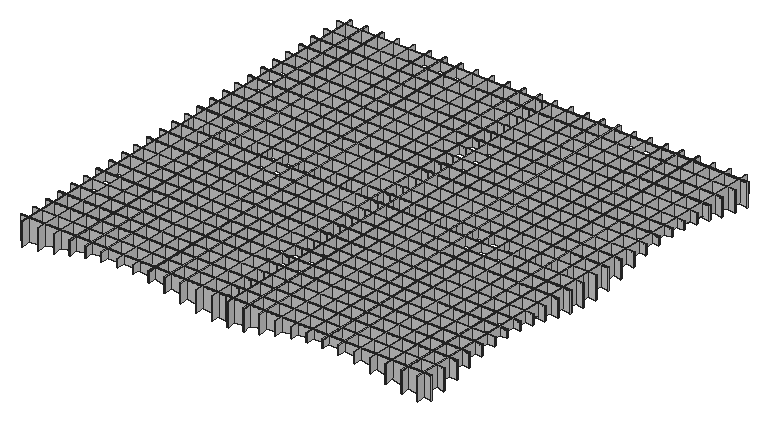
Revit family "CLD-WFL-002_RFA", category Modelos genéricos, Revit 2022 (continued)
Forms (in)
  Extrusion 35, solid
    sketch origin (0, 37.61822, 0) x (1, 0, 0) y (0, 0, 1)
      loop
        spline (70.38178, 2.34001) -> (71.11719, 2.45082) -> (71.85175, 2.56518) -> (72.58552, 2.6828) -> (73.31856, 2.80343) -> (74.05092, 2.92677) -> (74.78266, 3.05256) -> (75.51384, 3.1805) -> (76.2445, 3.31033) -> (76.97472, 3.44177) -> (77.70454, 3.57454) -> (78.43402, 3.70836) -> (79.16322, 3.84296)
        spline (79.16322, 3.84296) -> (79.81589, 3.96449) -> (80.46845, 4.08604) -> (81.12094, 4.20735) -> (81.77342, 4.32817) -> (82.42595, 4.44826) -> (83.07858, 4.56736) -> (83.73137, 4.68523) -> (84.38439, 4.80161) -> (85.03768, 4.91625) -> (85.6913, 5.02891) -> (86.34531, 5.13933) -> (86.99978, 5.24726)
        spline (86.99978, 5.24726) -> (87.72678, 5.36123) -> (88.45444, 5.47173) -> (89.18283, 5.57848) -> (89.91201, 5.68121) -> (90.64203, 5.77964) -> (91.37298, 5.87351) -> (92.10489, 5.96254) -> (92.83785, 6.04646) -> (93.5719, 6.125) -> (94.30712, 6.19789) -> (95.04356, 6.26486) -> (95.78122, 6.32579)
        spline (95.78122, 6.32579) -> (96.46987, 6.37175) -> (97.15943, 6.41238) -> (97.84985, 6.44778) -> (98.54104, 6.47801) -> (99.23294, 6.50316) -> (99.92548, 6.5233) -> (100.61859, 6.53851) -> (101.3122, 6.54886) -> (102.00624, 6.55445) -> (102.70063, 6.55534) -> (103.39532, 6.55161) -> (104.09022, 6.54334)
        spline (104.09022, 6.54334) -> (104.41609, 6.5372) -> (104.74197, 6.53005) -> (105.06787, 6.52189) -> (105.39376, 6.51274) -> (105.71965, 6.50259) -> (106.04553, 6.49146) -> (106.37138, 6.47935) -> (106.6972, 6.46628) -> (107.02298, 6.45226) -> (107.34871, 6.43729) -> (107.67439, 6.42139) -> (108, 6.40455)
        line (108, 6.40455) -> (108, 11.82144)
    from -0.11811 to 0
  Extrusion 36, solid, not visible
    sketch origin (0, 33.82655, 0) x (1, 0, 0) y (0, 0, 1)
      loop
        line (108, 11.82144) -> (0, 11.82144) -> (0, 6.40455)
        spline (0, 6.40455) -> (0.32561, 6.42139) -> (0.65129, 6.43729) -> (0.97702, 6.45226) -> (1.3028, 6.46628) -> (1.62862, 6.47935) -> (1.95447, 6.49146) -> (2.28035, 6.50259) -> (2.60624, 6.51274) -> (2.93213, 6.52189) -> (3.25803, 6.53005) -> (3.58391, 6.5372) -> (3.90978, 6.54334)
        spline (3.90978, 6.54334) -> (4.64427, 6.55011) -> (5.37852, 6.55208) -> (6.11244, 6.54917) -> (6.84598, 6.5413) -> (7.57905, 6.52839) -> (8.31157, 6.51035) -> (9.04349, 6.4871) -> (9.77471, 6.45856) -> (10.50517, 6.42465) -> (11.23479, 6.38528) -> (11.9635, 6.34038) -> (12.69122, 6.28985)
        spline (12.69122, 6.28985) -> (13.34952, 6.23514) -> (14.00673, 6.17505) -> (14.66285, 6.10968) -> (15.31792, 6.03926) -> (15.97202, 5.96405) -> (16.62518, 5.88427) -> (17.27747, 5.80017) -> (17.92894, 5.712) -> (18.57965, 5.62) -> (19.22966, 5.52441) -> (19.87902, 5.42547) -> (20.52778, 5.32343)
        spline (20.52778, 5.32343) -> (21.26115, 5.20293) -> (21.99402, 5.07965) -> (22.72645, 4.95385) -> (23.4585, 4.82583) -> (24.19025, 4.69586) -> (24.92176, 4.56423) -> (25.65308, 4.43121) -> (26.38429, 4.29709) -> (27.11544, 4.16214) -> (27.84661, 4.02665) -> (28.57785, 3.8909) -> (29.30922, 3.75516)
        spline (29.30922, 3.75516) -> (29.95995, 3.63466) -> (30.61094, 3.51485) -> (31.26223, 3.39599) -> (31.91387, 3.2783) -> (32.56591, 3.16206) -> (33.21841, 3.04749) -> (33.87141, 2.93486) -> (34.52497, 2.8244) -> (35.17914, 2.71637) -> (35.83396, 2.61101) -> (36.48949, 2.50857) -> (37.14578, 2.4093)
        spline (37.14578, 2.4093) -> (37.87194, 2.30632) -> (38.59907, 2.20751) -> (39.32723, 2.11315) -> (40.05647, 2.02349) -> (40.78684, 1.93878) -> (41.51831, 1.85902) -> (42.25083, 1.78415) -> (42.98434, 1.71406) -> (43.71879, 1.64869) -> (44.45413, 1.58794) -> (45.19029, 1.53174) -> (45.92722, 1.47999)
        spline (45.92722, 1.47999) -> (46.57816, 1.44092) -> (47.22964, 1.40553) -> (47.88162, 1.37376) -> (48.53404, 1.34552) -> (49.18687, 1.32076) -> (49.84004, 1.2994) -> (50.49352, 1.28136) -> (51.14725, 1.26658) -> (51.80119, 1.25497) -> (52.45529, 1.24648) -> (53.1095, 1.24101) -> (53.76378, 1.23852)
        spline (53.76378, 1.23852) -> (54.49695, 1.24145) -> (55.23005, 1.2477) -> (55.96302, 1.25736) -> (56.69581, 1.2705) -> (57.42836, 1.2872) -> (58.16063, 1.30755) -> (58.89256, 1.33163) -> (59.62409, 1.35951) -> (60.35518, 1.39128) -> (61.08577, 1.42702) -> (61.8158, 1.46681) -> (62.54522, 1.51073)
        spline (62.54522, 1.51073) -> (63.20286, 1.5569) -> (63.85981, 1.60706) -> (64.51602, 1.66127) -> (65.17144, 1.7196) -> (65.82603, 1.78214) -> (66.47973, 1.84896) -> (67.1325, 1.92013) -> (67.78428, 1.99572) -> (68.43505, 2.07573) -> (69.08486, 2.15994) -> (69.73376, 2.24811) -> (70.38178, 2.34001)
        spline (70.38178, 2.34001) -> (71.11719, 2.45082) -> (71.85175, 2.56518) -> (72.58552, 2.6828) -> (73.31856, 2.80343) -> (74.05092, 2.92677) -> (74.78266, 3.05256) -> (75.51384, 3.1805) -> (76.2445, 3.31033) -> (76.97472, 3.44177) -> (77.70454, 3.57454) -> (78.43402, 3.70836) -> (79.16322, 3.84296)
        spline (79.16322, 3.84296) -> (79.81589, 3.96449) -> (80.46845, 4.08604) -> (81.12094, 4.20735) -> (81.77342, 4.32817) -> (82.42595, 4.44826) -> (83.07858, 4.56736) -> (83.73137, 4.68523) -> (84.38439, 4.80161) -> (85.03768, 4.91625) -> (85.6913, 5.02891) -> (86.34531, 5.13933) -> (86.99978, 5.24726)
        spline (86.99978, 5.24726) -> (87.72678, 5.36123) -> (88.45444, 5.47173) -> (89.18283, 5.57848) -> (89.91201, 5.68121) -> (90.64203, 5.77964) -> (91.37298, 5.87351) -> (92.10489, 5.96254) -> (92.83785, 6.04646) -> (93.5719, 6.125) -> (94.30712, 6.19789) -> (95.04356, 6.26486) -> (95.78122, 6.32579)
        spline (95.78122, 6.32579) -> (96.46987, 6.37175) -> (97.15943, 6.41238) -> (97.84985, 6.44778) -> (98.54104, 6.47801) -> (99.23294, 6.50316) -> (99.92548, 6.5233) -> (100.61859, 6.53851) -> (101.3122, 6.54886) -> (102.00624, 6.55445) -> (102.70063, 6.55534) -> (103.39532, 6.55161) -> (104.09022, 6.54334)
        spline (104.09022, 6.54334) -> (104.41609, 6.5372) -> (104.74197, 6.53005) -> (105.06787, 6.52189) -> (105.39376, 6.51274) -> (105.71965, 6.50259) -> (106.04553, 6.49146) -> (106.37138, 6.47935) -> (106.6972, 6.46628) -> (107.02298, 6.45226) -> (107.34871, 6.43729) -> (107.67439, 6.42139) -> (108, 6.40455)
        line (108, 6.40455) -> (108, 11.82144)
    from -0.11811 to 0
  Extrusion 37, solid
    sketch origin (0, 29.30922, 0) x (1, 0, 0) y (0, 0, 1)
      loop
        line (108, 11.82144) -> (0, 11.82144) -> (0, 4.58891)
        spline (0, 4.58891) -> (0.32561, 4.62796) -> (0.65129, 4.66617) -> (0.97702, 4.70353) -> (1.3028, 4.74004) -> (1.62862, 4.77569) -> (1.95447, 4.81048) -> (2.28035, 4.84439) -> (2.60624, 4.87743) -> (2.93213, 4.90957) -> (3.25803, 4.94083) -> (3.58391, 4.97119) -> (3.90978, 5.00064)
        spline (3.90978, 5.00064) -> (4.64427, 5.06081) -> (5.37851, 5.11675) -> (6.11244, 5.16838) -> (6.84597, 5.21566) -> (7.57904, 5.25851) -> (8.31157, 5.29688) -> (9.04348, 5.33072) -> (9.7747, 5.35995) -> (10.50516, 5.38452) -> (11.23478, 5.40437) -> (11.96349, 5.41944) -> (12.69122, 5.42966)
        spline (12.69122, 5.42966) -> (13.34952, 5.43128) -> (14.00673, 5.42829) -> (14.66285, 5.42076) -> (15.31792, 5.40886) -> (15.97202, 5.39278) -> (16.62518, 5.37269) -> (17.27747, 5.34877) -> (17.92894, 5.32119) -> (18.57965, 5.29014) -> (19.22966, 5.2558) -> (19.87902, 5.21833) -> (20.52778, 5.17793)
        spline (20.52778, 5.17793) -> (21.26115, 5.12722) -> (21.99402, 5.0737) -> (22.72645, 5.01759) -> (23.45851, 4.95908) -> (24.19025, 4.89838) -> (24.92176, 4.8357) -> (25.65308, 4.77124) -> (26.38429, 4.70521) -> (27.11544, 4.63782) -> (27.84661, 4.56926) -> (28.57785, 4.49975) -> (29.30922, 4.42949)
        spline (29.30922, 4.42949) -> (29.95995, 4.366) -> (30.61094, 4.30234) -> (31.26223, 4.2387) -> (31.91387, 4.17525) -> (32.56591, 4.11218) -> (33.21841, 4.04966) -> (33.87141, 3.98789) -> (34.52497, 3.92703) -> (35.17914, 3.86728) -> (35.83396, 3.80881) -> (36.48949, 3.75181) -> (37.14578, 3.69645)
        spline (37.14578, 3.69645) -> (37.87194, 3.63892) -> (38.59907, 3.58371) -> (39.32723, 3.53102) -> (40.05647, 3.48105) -> (40.78684, 3.43397) -> (41.51831, 3.38979) -> (42.25083, 3.34845) -> (42.98434, 3.30989) -> (43.7188, 3.27405) -> (44.45413, 3.24086) -> (45.19029, 3.21027) -> (45.92722, 3.18221)
        spline (45.92722, 3.18221) -> (46.57816, 3.16116) -> (47.22964, 3.14217) -> (47.88162, 3.12519) -> (48.53404, 3.11017) -> (49.18687, 3.09705) -> (49.84004, 3.08579) -> (50.49352, 3.07632) -> (51.14725, 3.06859) -> (51.80119, 3.06255) -> (52.45529, 3.05816) -> (53.1095, 3.05535) -> (53.76378, 3.05407)
        spline (53.76378, 3.05407) -> (54.49695, 3.0556) -> (55.23004, 3.05885) -> (55.96301, 3.06387) -> (56.6958, 3.07073) -> (57.42836, 3.07948) -> (58.16062, 3.09019) -> (58.89255, 3.10292) -> (59.62409, 3.11771) -> (60.35517, 3.13464) -> (61.08576, 3.15376) -> (61.81579, 3.17514) -> (62.54522, 3.19882)
        spline (62.54522, 3.19882) -> (63.20286, 3.22386) -> (63.85981, 3.25117) -> (64.51602, 3.28078) -> (65.17144, 3.31277) -> (65.82603, 3.34719) -> (66.47973, 3.38408) -> (67.1325, 3.42351) -> (67.78428, 3.46553) -> (68.43505, 3.51013) -> (69.08486, 3.55715) -> (69.73376, 3.60642) -> (70.38178, 3.65777)
        spline (70.38178, 3.65777) -> (71.1172, 3.71948) -> (71.85176, 3.78304) -> (72.58554, 3.84824) -> (73.31858, 3.91488) -> (74.05094, 3.98275) -> (74.78268, 4.05166) -> (75.51385, 4.12139) -> (76.24452, 4.19176) -> (76.97473, 4.26254) -> (77.70455, 4.33354) -> (78.43403, 4.40456) -> (79.16322, 4.47539)
        spline (79.16322, 4.47539) -> (79.80403, 4.53723) -> (80.44473, 4.59841) -> (81.08536, 4.65876) -> (81.72599, 4.7181) -> (82.36666, 4.77623) -> (83.00743, 4.83299) -> (83.64836, 4.88819) -> (84.28951, 4.94166) -> (84.93093, 4.9932) -> (85.57267, 5.04265) -> (86.21481, 5.08982) -> (86.85738, 5.13453)
        spline (86.85738, 5.13453) -> (87.59614, 5.18092) -> (88.33559, 5.22395) -> (89.07577, 5.26344) -> (89.81676, 5.29917) -> (90.55862, 5.33094) -> (91.30141, 5.35856) -> (92.04519, 5.38181) -> (92.79004, 5.4005) -> (93.53601, 5.41442) -> (94.28316, 5.42338) -> (95.03157, 5.42716) -> (95.78122, 5.4257)
        spline (95.78122, 5.4257) -> (96.43065, 5.41648) -> (97.08095, 5.40294) -> (97.73207, 5.38513) -> (98.38393, 5.36311) -> (99.03648, 5.33693) -> (99.68963, 5.30665) -> (100.34334, 5.27231) -> (100.99753, 5.23398) -> (101.65213, 5.19169) -> (102.30709, 5.14552) -> (102.96233, 5.09551) -> (103.61778, 5.04172)
        spline (103.61778, 5.04172) -> (103.98301, 5.00943) -> (104.34827, 4.97613) -> (104.71354, 4.94182) -> (105.07881, 4.90651) -> (105.44407, 4.8702) -> (105.80932, 4.83291) -> (106.17455, 4.79465) -> (106.53974, 4.75541) -> (106.90489, 4.71521) -> (107.26999, 4.67406) -> (107.63503, 4.63196) -> (108, 4.58891)
        line (108, 4.58891) -> (108, 11.82144)
    from -0.11811 to 0
  Extrusion 38, solid, not visible
    sketch origin (0, 25.51755, 0) x (1, 0, 0) y (0, 0, 1)
      loop
        line (108, 11.82144) -> (0, 11.82144) -> (0, 4.58891)
        spline (0, 4.58891) -> (0.32561, 4.62796) -> (0.65129, 4.66617) -> (0.97702, 4.70353) -> (1.3028, 4.74004) -> (1.62862, 4.77569) -> (1.95447, 4.81048) -> (2.28035, 4.84439) -> (2.60624, 4.87743) -> (2.93213, 4.90957) -> (3.25803, 4.94083) -> (3.58391, 4.97119) -> (3.90978, 5.00064)
        spline (3.90978, 5.00064) -> (4.64427, 5.06081) -> (5.37851, 5.11675) -> (6.11244, 5.16838) -> (6.84597, 5.21566) -> (7.57904, 5.25851) -> (8.31157, 5.29688) -> (9.04348, 5.33072) -> (9.7747, 5.35995) -> (10.50516, 5.38452) -> (11.23478, 5.40437) -> (11.96349, 5.41944) -> (12.69122, 5.42966)
        spline (12.69122, 5.42966) -> (13.34952, 5.43128) -> (14.00673, 5.42829) -> (14.66285, 5.42076) -> (15.31792, 5.40886) -> (15.97202, 5.39278) -> (16.62518, 5.37269) -> (17.27747, 5.34877) -> (17.92894, 5.32119) -> (18.57965, 5.29014) -> (19.22966, 5.2558) -> (19.87902, 5.21833) -> (20.52778, 5.17793)
        spline (20.52778, 5.17793) -> (21.26115, 5.12722) -> (21.99402, 5.0737) -> (22.72645, 5.01759) -> (23.45851, 4.95908) -> (24.19025, 4.89838) -> (24.92176, 4.8357) -> (25.65308, 4.77124) -> (26.38429, 4.70521) -> (27.11544, 4.63782) -> (27.84661, 4.56926) -> (28.57785, 4.49975) -> (29.30922, 4.42949)
        spline (29.30922, 4.42949) -> (29.95995, 4.366) -> (30.61094, 4.30234) -> (31.26223, 4.2387) -> (31.91387, 4.17525) -> (32.56591, 4.11218) -> (33.21841, 4.04966) -> (33.87141, 3.98789) -> (34.52497, 3.92703) -> (35.17914, 3.86728) -> (35.83396, 3.80881) -> (36.48949, 3.75181) -> (37.14578, 3.69645)
        spline (37.14578, 3.69645) -> (37.87194, 3.63892) -> (38.59907, 3.58371) -> (39.32723, 3.53102) -> (40.05647, 3.48105) -> (40.78684, 3.43397) -> (41.51831, 3.38979) -> (42.25083, 3.34845) -> (42.98434, 3.30989) -> (43.7188, 3.27405) -> (44.45413, 3.24086) -> (45.19029, 3.21027) -> (45.92722, 3.18221)
        spline (45.92722, 3.18221) -> (46.57816, 3.16116) -> (47.22964, 3.14217) -> (47.88162, 3.12519) -> (48.53404, 3.11017) -> (49.18687, 3.09705) -> (49.84004, 3.08579) -> (50.49352, 3.07632) -> (51.14725, 3.06859) -> (51.80119, 3.06255) -> (52.45529, 3.05816) -> (53.1095, 3.05535) -> (53.76378, 3.05407)
        spline (53.76378, 3.05407) -> (54.49695, 3.0556) -> (55.23004, 3.05885) -> (55.96301, 3.06387) -> (56.6958, 3.07073) -> (57.42836, 3.07948) -> (58.16062, 3.09019) -> (58.89255, 3.10292) -> (59.62409, 3.11771) -> (60.35517, 3.13464) -> (61.08576, 3.15376) -> (61.81579, 3.17514) -> (62.54522, 3.19882)
        spline (62.54522, 3.19882) -> (63.20286, 3.22386) -> (63.85981, 3.25117) -> (64.51602, 3.28078) -> (65.17144, 3.31277) -> (65.82603, 3.34719) -> (66.47973, 3.38408) -> (67.1325, 3.42351) -> (67.78428, 3.46553) -> (68.43505, 3.51013) -> (69.08486, 3.55715) -> (69.73376, 3.60642) -> (70.38178, 3.65777)
        spline (70.38178, 3.65777) -> (71.1172, 3.71948) -> (71.85176, 3.78304) -> (72.58554, 3.84824) -> (73.31858, 3.91488) -> (74.05094, 3.98275) -> (74.78268, 4.05166) -> (75.51385, 4.12139) -> (76.24452, 4.19176) -> (76.97473, 4.26254) -> (77.70455, 4.33354) -> (78.43403, 4.40456) -> (79.16322, 4.47539)
        spline (79.16322, 4.47539) -> (79.80403, 4.53723) -> (80.44473, 4.59841) -> (81.08536, 4.65876) -> (81.72599, 4.7181) -> (82.36666, 4.77623) -> (83.00743, 4.83299) -> (83.64836, 4.88819) -> (84.28951, 4.94166) -> (84.93093, 4.9932) -> (85.57267, 5.04265) -> (86.21481, 5.08982) -> (86.85738, 5.13453)
        spline (86.85738, 5.13453) -> (87.59614, 5.18092) -> (88.33559, 5.22395) -> (89.07577, 5.26344) -> (89.81676, 5.29917) -> (90.55862, 5.33094) -> (91.30141, 5.35856) -> (92.04519, 5.38181) -> (92.79004, 5.4005) -> (93.53601, 5.41442) -> (94.28316, 5.42338) -> (95.03157, 5.42716) -> (95.78122, 5.4257)
        spline (95.78122, 5.4257) -> (96.43065, 5.41648) -> (97.08095, 5.40294) -> (97.73207, 5.38513) -> (98.38393, 5.36311) -> (99.03648, 5.33693) -> (99.68963, 5.30665) -> (100.34334, 5.27231) -> (100.99753, 5.23398) -> (101.65213, 5.19169) -> (102.30709, 5.14552) -> (102.96233, 5.09551) -> (103.61778, 5.04172)
        spline (103.61778, 5.04172) -> (103.98301, 5.00943) -> (104.34827, 4.97613) -> (104.71354, 4.94182) -> (105.07881, 4.90651) -> (105.44407, 4.8702) -> (105.80932, 4.83291) -> (106.17455, 4.79465) -> (106.53974, 4.75541) -> (106.90489, 4.71521) -> (107.26999, 4.67406) -> (107.63503, 4.63196) -> (108, 4.58891)
        line (108, 4.58891) -> (108, 11.82144)
    from -0.11811 to 0
  Extrusion 39, solid
    sketch origin (0, 21.00022, 0) x (1, 0, 0) y (0, 0, 1)
      loop
        line (108, 11.82144) -> (0, 11.82144) -> (0, 2.55729)
        spline (0, 2.55729) -> (0.32561, 2.61504) -> (0.65129, 2.67215) -> (0.97702, 2.72862) -> (1.3028, 2.78445) -> (1.62862, 2.83963) -> (1.95447, 2.89415) -> (2.28035, 2.94802) -> (2.60624, 3.00123) -> (2.93213, 3.05379) -> (3.25803, 3.10567) -> (3.58391, 3.15689) -> (3.90978, 3.20744)
        spline (3.90978, 3.20744) -> (4.64427, 3.31686) -> (5.37851, 3.42317) -> (6.11243, 3.52634) -> (6.84596, 3.62635) -> (7.57903, 3.72316) -> (8.31156, 3.81675) -> (9.04347, 3.90709) -> (9.77469, 3.99415) -> (10.50515, 4.07789) -> (11.23478, 4.1583) -> (11.96349, 4.23534) -> (12.69122, 4.30898)
        spline (12.69122, 4.30898) -> (13.34952, 4.37039) -> (14.00673, 4.4286) -> (14.66285, 4.48364) -> (15.31792, 4.53559) -> (15.97202, 4.58455) -> (16.62518, 4.63059) -> (17.27747, 4.67381) -> (17.92894, 4.71429) -> (18.57965, 4.75212) -> (19.22966, 4.78738) -> (19.87902, 4.82016) -> (20.52778, 4.85054)
        spline (20.52778, 4.85054) -> (21.26115, 4.88062) -> (21.99402, 4.90823) -> (22.72646, 4.93347) -> (23.45851, 4.95644) -> (24.19026, 4.97724) -> (24.92176, 4.99598) -> (25.65309, 5.01275) -> (26.38429, 5.02764) -> (27.11545, 5.04077) -> (27.84661, 5.05223) -> (28.57785, 5.06211) -> (29.30922, 5.07053)
        spline (29.30922, 5.07053) -> (29.95995, 5.07584) -> (30.61094, 5.08009) -> (31.26223, 5.08336) -> (31.91387, 5.08574) -> (32.56591, 5.08733) -> (33.21841, 5.0882) -> (33.87141, 5.08846) -> (34.52497, 5.08817) -> (35.17914, 5.08744) -> (35.83396, 5.08636) -> (36.48949, 5.085) -> (37.14578, 5.08346)
        spline (37.14578, 5.08346) -> (37.87194, 5.08165) -> (38.59907, 5.0799) -> (39.32723, 5.0783) -> (40.05647, 5.07696) -> (40.78684, 5.07594) -> (41.51831, 5.07527) -> (42.25083, 5.07491) -> (42.98434, 5.07483) -> (43.7188, 5.075) -> (44.45413, 5.07538) -> (45.19029, 5.07596) -> (45.92722, 5.0767)
        spline (45.92722, 5.0767) -> (46.57816, 5.07753) -> (47.22964, 5.07843) -> (47.88162, 5.07937) -> (48.53404, 5.08033) -> (49.18687, 5.08128) -> (49.84004, 5.0822) -> (50.49352, 5.08306) -> (51.14725, 5.08383) -> (51.80119, 5.0845) -> (52.45529, 5.08503) -> (53.1095, 5.0854) -> (53.76378, 5.08558)
        spline (53.76378, 5.08558) -> (54.49695, 5.08542) -> (55.23004, 5.08505) -> (55.96301, 5.0845) -> (56.6958, 5.0838) -> (57.42835, 5.08298) -> (58.16062, 5.08206) -> (58.89255, 5.08107) -> (59.62408, 5.08005) -> (60.35517, 5.07902) -> (61.08576, 5.07801) -> (61.81579, 5.07705) -> (62.54522, 5.07616)
        spline (62.54522, 5.07616) -> (63.20286, 5.07551) -> (63.85981, 5.075) -> (64.51602, 5.07466) -> (65.17144, 5.07452) -> (65.82603, 5.0746) -> (66.47973, 5.07493) -> (67.1325, 5.07554) -> (67.78428, 5.07645) -> (68.43505, 5.07766) -> (69.08486, 5.07909) -> (69.73376, 5.08066) -> (70.38178, 5.08229)
        spline (70.38178, 5.08229) -> (71.1172, 5.08386) -> (71.85177, 5.08523) -> (72.58555, 5.08629) -> (73.31859, 5.08695) -> (74.05095, 5.08712) -> (74.78269, 5.08668) -> (75.51386, 5.08555) -> (76.24453, 5.08362) -> (76.97474, 5.08079) -> (77.70455, 5.07697) -> (78.43403, 5.07206) -> (79.16322, 5.06596)
        spline (79.16322, 5.06596) -> (79.81589, 5.05858) -> (80.46845, 5.04989) -> (81.12094, 5.0398) -> (81.77342, 5.02821) -> (82.42595, 5.01505) -> (83.07858, 5.00022) -> (83.73137, 4.98363) -> (84.38439, 4.9652) -> (85.03768, 4.94483) -> (85.6913, 4.92244) -> (86.34531, 4.89793) -> (86.99978, 4.87123)
        spline (86.99978, 4.87123) -> (87.72677, 4.83707) -> (88.45442, 4.80022) -> (89.18281, 4.7606) -> (89.91198, 4.7181) -> (90.642, 4.67263) -> (91.37294, 4.62408) -> (92.10486, 4.57237) -> (92.83781, 4.5174) -> (93.57187, 4.45907) -> (94.3071, 4.39728) -> (95.04355, 4.33194) -> (95.78122, 4.26301)
        spline (95.78122, 4.26301) -> (96.43065, 4.19725) -> (97.08095, 4.12847) -> (97.73207, 4.05667) -> (98.38393, 3.9819) -> (99.03648, 3.90417) -> (99.68963, 3.82352) -> (100.34334, 3.73996) -> (100.99753, 3.65352) -> (101.65213, 3.56424) -> (102.30709, 3.47213) -> (102.96233, 3.37722) -> (103.61778, 3.27954)
        spline (103.61778, 3.27954) -> (103.98302, 3.22342) -> (104.34828, 3.16655) -> (104.71355, 3.10893) -> (105.07882, 3.05057) -> (105.44409, 2.99146) -> (105.80934, 2.93162) -> (106.17456, 2.87105) -> (106.53976, 2.80974) -> (106.9049, 2.74771) -> (107.27, 2.68496) -> (107.63504, 2.62148) -> (108, 2.55729)
        line (108, 2.55729) -> (108, 11.82144)
    from -0.11811 to 0
  Extrusion 40, solid, not visible
    sketch origin (0, 17.20855, 0) x (1, 0, 0) y (0, 0, 1)
      loop
        line (108, 11.82144) -> (0, 11.82144) -> (0, 2.55729)
        spline (0, 2.55729) -> (0.32561, 2.61504) -> (0.65129, 2.67215) -> (0.97702, 2.72862) -> (1.3028, 2.78445) -> (1.62862, 2.83963) -> (1.95447, 2.89415) -> (2.28035, 2.94802) -> (2.60624, 3.00123) -> (2.93213, 3.05379) -> (3.25803, 3.10567) -> (3.58391, 3.15689) -> (3.90978, 3.20744)
        spline (3.90978, 3.20744) -> (4.64427, 3.31686) -> (5.37851, 3.42317) -> (6.11243, 3.52634) -> (6.84596, 3.62635) -> (7.57903, 3.72316) -> (8.31156, 3.81675) -> (9.04347, 3.90709) -> (9.77469, 3.99415) -> (10.50515, 4.07789) -> (11.23478, 4.1583) -> (11.96349, 4.23534) -> (12.69122, 4.30898)
        spline (12.69122, 4.30898) -> (13.34952, 4.37039) -> (14.00673, 4.4286) -> (14.66285, 4.48364) -> (15.31792, 4.53559) -> (15.97202, 4.58455) -> (16.62518, 4.63059) -> (17.27747, 4.67381) -> (17.92894, 4.71429) -> (18.57965, 4.75212) -> (19.22966, 4.78738) -> (19.87902, 4.82016) -> (20.52778, 4.85054)
        spline (20.52778, 4.85054) -> (21.26115, 4.88062) -> (21.99402, 4.90823) -> (22.72646, 4.93347) -> (23.45851, 4.95644) -> (24.19026, 4.97724) -> (24.92176, 4.99598) -> (25.65309, 5.01275) -> (26.38429, 5.02764) -> (27.11545, 5.04077) -> (27.84661, 5.05223) -> (28.57785, 5.06211) -> (29.30922, 5.07053)
        spline (29.30922, 5.07053) -> (29.95995, 5.07584) -> (30.61094, 5.08009) -> (31.26223, 5.08336) -> (31.91387, 5.08574) -> (32.56591, 5.08733) -> (33.21841, 5.0882) -> (33.87141, 5.08846) -> (34.52497, 5.08817) -> (35.17914, 5.08744) -> (35.83396, 5.08636) -> (36.48949, 5.085) -> (37.14578, 5.08346)
        spline (37.14578, 5.08346) -> (37.87194, 5.08165) -> (38.59907, 5.0799) -> (39.32723, 5.0783) -> (40.05647, 5.07696) -> (40.78684, 5.07594) -> (41.51831, 5.07527) -> (42.25083, 5.07491) -> (42.98434, 5.07483) -> (43.7188, 5.075) -> (44.45413, 5.07538) -> (45.19029, 5.07596) -> (45.92722, 5.0767)
        spline (45.92722, 5.0767) -> (46.57816, 5.07753) -> (47.22964, 5.07843) -> (47.88162, 5.07937) -> (48.53404, 5.08033) -> (49.18687, 5.08128) -> (49.84004, 5.0822) -> (50.49352, 5.08306) -> (51.14725, 5.08383) -> (51.80119, 5.0845) -> (52.45529, 5.08503) -> (53.1095, 5.0854) -> (53.76378, 5.08558)
        spline (53.76378, 5.08558) -> (54.49695, 5.08542) -> (55.23004, 5.08505) -> (55.96301, 5.0845) -> (56.6958, 5.0838) -> (57.42835, 5.08298) -> (58.16062, 5.08206) -> (58.89255, 5.08107) -> (59.62408, 5.08005) -> (60.35517, 5.07902) -> (61.08576, 5.07801) -> (61.81579, 5.07705) -> (62.54522, 5.07616)
        spline (62.54522, 5.07616) -> (63.20286, 5.07551) -> (63.85981, 5.075) -> (64.51602, 5.07466) -> (65.17144, 5.07452) -> (65.82603, 5.0746) -> (66.47973, 5.07493) -> (67.1325, 5.07554) -> (67.78428, 5.07645) -> (68.43505, 5.07766) -> (69.08486, 5.07909) -> (69.73376, 5.08066) -> (70.38178, 5.08229)
        spline (70.38178, 5.08229) -> (71.1172, 5.08386) -> (71.85177, 5.08523) -> (72.58555, 5.08629) -> (73.31859, 5.08695) -> (74.05095, 5.08712) -> (74.78269, 5.08668) -> (75.51386, 5.08555) -> (76.24453, 5.08362) -> (76.97474, 5.08079) -> (77.70455, 5.07697) -> (78.43403, 5.07206) -> (79.16322, 5.06596)
        spline (79.16322, 5.06596) -> (79.81589, 5.05858) -> (80.46845, 5.04989) -> (81.12094, 5.0398) -> (81.77342, 5.02821) -> (82.42595, 5.01505) -> (83.07858, 5.00022) -> (83.73137, 4.98363) -> (84.38439, 4.9652) -> (85.03768, 4.94483) -> (85.6913, 4.92244) -> (86.34531, 4.89793) -> (86.99978, 4.87123)
        spline (86.99978, 4.87123) -> (87.72677, 4.83707) -> (88.45442, 4.80022) -> (89.18281, 4.7606) -> (89.91198, 4.7181) -> (90.642, 4.67263) -> (91.37294, 4.62408) -> (92.10486, 4.57237) -> (92.83781, 4.5174) -> (93.57187, 4.45907) -> (94.3071, 4.39728) -> (95.04355, 4.33194) -> (95.78122, 4.26301)
        spline (95.78122, 4.26301) -> (96.43065, 4.19725) -> (97.08095, 4.12847) -> (97.73207, 4.05667) -> (98.38393, 3.9819) -> (99.03648, 3.90417) -> (99.68963, 3.82352) -> (100.34334, 3.73996) -> (100.99753, 3.65352) -> (101.65213, 3.56424) -> (102.30709, 3.47213) -> (102.96233, 3.37722) -> (103.61778, 3.27954)
        spline (103.61778, 3.27954) -> (103.98302, 3.22342) -> (104.34828, 3.16655) -> (104.71355, 3.10893) -> (105.07882, 3.05057) -> (105.44409, 2.99146) -> (105.80934, 2.93162) -> (106.17456, 2.87105) -> (106.53976, 2.80974) -> (106.9049, 2.74771) -> (107.27, 2.68496) -> (107.63504, 2.62148) -> (108, 2.55729)
        line (108, 2.55729) -> (108, 11.82144)
    from -0.11811 to 0
  Extrusion 41, solid
    sketch origin (0, 12.69122, 0) x (1, 0, 0) y (0, 0, 1)
      loop
        line (108, 11.82144) -> (0, 11.82144) -> (0, 0.88375)
        spline (0, 0.88375) -> (0.32561, 0.94348) -> (0.65129, 1.00296) -> (0.97702, 1.06219) -> (1.3028, 1.12116) -> (1.62862, 1.1799) -> (1.95447, 1.23838) -> (2.28035, 1.29662) -> (2.60624, 1.35462) -> (2.93213, 1.41237) -> (3.25803, 1.46988) -> (3.58391, 1.52715) -> (3.90978, 1.58418)
        spline (3.90978, 1.58418) -> (4.64426, 1.71122) -> (5.37851, 1.8372) -> (6.11243, 1.96212) -> (6.84596, 2.086) -> (7.57903, 2.20885) -> (8.31155, 2.33067) -> (9.04347, 2.45149) -> (9.77469, 2.57131) -> (10.50515, 2.69014) -> (11.23478, 2.80798) -> (11.96349, 2.92486) -> (12.69122, 3.04079)
        spline (12.69122, 3.04079) -> (13.34952, 3.14441) -> (14.00673, 3.24717) -> (14.66285, 3.34906) -> (15.31792, 3.45005) -> (15.97202, 3.55011) -> (16.62518, 3.64921) -> (17.27747, 3.74732) -> (17.92894, 3.8444) -> (18.57965, 3.94043) -> (19.22966, 4.03537) -> (19.87902, 4.12919) -> (20.52778, 4.22187)
        spline (20.52778, 4.22187) -> (21.26116, 4.32437) -> (21.99403, 4.42546) -> (22.72646, 4.52511) -> (23.45852, 4.62328) -> (24.19027, 4.71993) -> (24.92177, 4.81503) -> (25.6531, 4.90854) -> (26.3843, 5.00042) -> (27.11545, 5.09065) -> (27.84662, 5.17918) -> (28.57786, 5.26598) -> (29.30922, 5.35101)
        spline (29.30922, 5.35101) -> (29.95995, 5.42391) -> (30.61094, 5.49516) -> (31.26223, 5.56472) -> (31.91387, 5.63257) -> (32.56591, 5.69867) -> (33.21841, 5.763) -> (33.87141, 5.82551) -> (34.52497, 5.88618) -> (35.17914, 5.94498) -> (35.83396, 6.00187) -> (36.48949, 6.05683) -> (37.14578, 6.10982)
        spline (37.14578, 6.10982) -> (37.87194, 6.16453) -> (38.59907, 6.21702) -> (39.32723, 6.26723) -> (40.05647, 6.31514) -> (40.78684, 6.36072) -> (41.51831, 6.40397) -> (42.25083, 6.44489) -> (42.98434, 6.4835) -> (43.71879, 6.51981) -> (44.45413, 6.55383) -> (45.19029, 6.58557) -> (45.92722, 6.61503)
        spline (45.92722, 6.61503) -> (46.57816, 6.6376) -> (47.22964, 6.65822) -> (47.88162, 6.67689) -> (48.53404, 6.69363) -> (49.18687, 6.70845) -> (49.84004, 6.72134) -> (50.49352, 6.73234) -> (51.14725, 6.74143) -> (51.80119, 6.74863) -> (52.45529, 6.75396) -> (53.1095, 6.75742) -> (53.76378, 6.75901)
        spline (53.76378, 6.75901) -> (54.49695, 6.7572) -> (55.23004, 6.75331) -> (55.96301, 6.74732) -> (56.6958, 6.73922) -> (57.42835, 6.72901) -> (58.16062, 6.71667) -> (58.89255, 6.7022) -> (59.62408, 6.68557) -> (60.35517, 6.66679) -> (61.08576, 6.64585) -> (61.81579, 6.62272) -> (62.54522, 6.59741)
        spline (62.54522, 6.59741) -> (63.20286, 6.57112) -> (63.85981, 6.54281) -> (64.51602, 6.51247) -> (65.17144, 6.48008) -> (65.82603, 6.44563) -> (66.47973, 6.40912) -> (67.1325, 6.37054) -> (67.78428, 6.32988) -> (68.43505, 6.28713) -> (69.08486, 6.24233) -> (69.73376, 6.19551) -> (70.38178, 6.14669)
        spline (70.38178, 6.14669) -> (71.1172, 6.08737) -> (71.85177, 6.02584) -> (72.58554, 5.96214) -> (73.31858, 5.89631) -> (74.05094, 5.82838) -> (74.78268, 5.75838) -> (75.51386, 5.68636) -> (76.24452, 5.61234) -> (76.97473, 5.53637) -> (77.70455, 5.45847) -> (78.43403, 5.37869) -> (79.16322, 5.29705)
        spline (79.16322, 5.29705) -> (79.81589, 5.22111) -> (80.46845, 5.14359) -> (81.12094, 5.06452) -> (81.77342, 4.98394) -> (82.42595, 4.90188) -> (83.07858, 4.81837) -> (83.73137, 4.73344) -> (84.38439, 4.64713) -> (85.03768, 4.55947) -> (85.6913, 4.47048) -> (86.34531, 4.3802) -> (86.99978, 4.28866)
        spline (86.99978, 4.28866) -> (87.72677, 4.18488) -> (88.45442, 4.07981) -> (89.1828, 3.97349) -> (89.91197, 3.86595) -> (90.64199, 3.75723) -> (91.37293, 3.64737) -> (92.10485, 3.53639) -> (92.8378, 3.42433) -> (93.57186, 3.31123) -> (94.30709, 3.19712) -> (95.04354, 3.08203) -> (95.78122, 2.96599)
        spline (95.78122, 2.96599) -> (96.4698, 2.85601) -> (97.15931, 2.74512) -> (97.84968, 2.63332) -> (98.54085, 2.52058) -> (99.23273, 2.40692) -> (99.92527, 2.2923) -> (100.61838, 2.17673) -> (101.31201, 2.06019) -> (102.00608, 1.94268) -> (102.70052, 1.82418) -> (103.39525, 1.70469) -> (104.09022, 1.58418)
        spline (104.09022, 1.58418) -> (104.41609, 1.52715) -> (104.74197, 1.46988) -> (105.06787, 1.41237) -> (105.39376, 1.35462) -> (105.71965, 1.29662) -> (106.04553, 1.23838) -> (106.37138, 1.1799) -> (106.6972, 1.12116) -> (107.02298, 1.06219) -> (107.34871, 1.00296) -> (107.67439, 0.94348) -> (108, 0.88375)
        line (108, 0.88375) -> (108, 11.82144)
    from -0.11811 to 0
  Extrusion 42, solid, not visible
    sketch origin (0, 8.89955, 0) x (1, 0, 0) y (0, 0, 1)
      loop
        line (108, 11.82144) -> (0, 11.82144) -> (0, 0.88375)
        spline (0, 0.88375) -> (0.32561, 0.94348) -> (0.65129, 1.00296) -> (0.97702, 1.06219) -> (1.3028, 1.12116) -> (1.62862, 1.1799) -> (1.95447, 1.23838) -> (2.28035, 1.29662) -> (2.60624, 1.35462) -> (2.93213, 1.41237) -> (3.25803, 1.46988) -> (3.58391, 1.52715) -> (3.90978, 1.58418)
        spline (3.90978, 1.58418) -> (4.64426, 1.71122) -> (5.37851, 1.8372) -> (6.11243, 1.96212) -> (6.84596, 2.086) -> (7.57903, 2.20885) -> (8.31155, 2.33067) -> (9.04347, 2.45149) -> (9.77469, 2.57131) -> (10.50515, 2.69014) -> (11.23478, 2.80798) -> (11.96349, 2.92486) -> (12.69122, 3.04079)
        spline (12.69122, 3.04079) -> (13.34952, 3.14441) -> (14.00673, 3.24717) -> (14.66285, 3.34906) -> (15.31792, 3.45005) -> (15.97202, 3.55011) -> (16.62518, 3.64921) -> (17.27747, 3.74732) -> (17.92894, 3.8444) -> (18.57965, 3.94043) -> (19.22966, 4.03537) -> (19.87902, 4.12919) -> (20.52778, 4.22187)
        spline (20.52778, 4.22187) -> (21.26116, 4.32437) -> (21.99403, 4.42546) -> (22.72646, 4.52511) -> (23.45852, 4.62328) -> (24.19027, 4.71993) -> (24.92177, 4.81503) -> (25.6531, 4.90854) -> (26.3843, 5.00042) -> (27.11545, 5.09065) -> (27.84662, 5.17918) -> (28.57786, 5.26598) -> (29.30922, 5.35101)
        spline (29.30922, 5.35101) -> (29.95995, 5.42391) -> (30.61094, 5.49516) -> (31.26223, 5.56472) -> (31.91387, 5.63257) -> (32.56591, 5.69867) -> (33.21841, 5.763) -> (33.87141, 5.82551) -> (34.52497, 5.88618) -> (35.17914, 5.94498) -> (35.83396, 6.00187) -> (36.48949, 6.05683) -> (37.14578, 6.10982)
        spline (37.14578, 6.10982) -> (37.87194, 6.16453) -> (38.59907, 6.21702) -> (39.32723, 6.26723) -> (40.05647, 6.31514) -> (40.78684, 6.36072) -> (41.51831, 6.40397) -> (42.25083, 6.44489) -> (42.98434, 6.4835) -> (43.71879, 6.51981) -> (44.45413, 6.55383) -> (45.19029, 6.58557) -> (45.92722, 6.61503)
        spline (45.92722, 6.61503) -> (46.57816, 6.6376) -> (47.22964, 6.65822) -> (47.88162, 6.67689) -> (48.53404, 6.69363) -> (49.18687, 6.70845) -> (49.84004, 6.72134) -> (50.49352, 6.73234) -> (51.14725, 6.74143) -> (51.80119, 6.74863) -> (52.45529, 6.75396) -> (53.1095, 6.75742) -> (53.76378, 6.75901)
        spline (53.76378, 6.75901) -> (54.49695, 6.7572) -> (55.23004, 6.75331) -> (55.96301, 6.74732) -> (56.6958, 6.73922) -> (57.42835, 6.72901) -> (58.16062, 6.71667) -> (58.89255, 6.7022) -> (59.62408, 6.68557) -> (60.35517, 6.66679) -> (61.08576, 6.64585) -> (61.81579, 6.62272) -> (62.54522, 6.59741)
        spline (62.54522, 6.59741) -> (63.20286, 6.57112) -> (63.85981, 6.54281) -> (64.51602, 6.51247) -> (65.17144, 6.48008) -> (65.82603, 6.44563) -> (66.47973, 6.40912) -> (67.1325, 6.37054) -> (67.78428, 6.32988) -> (68.43505, 6.28713) -> (69.08486, 6.24233) -> (69.73376, 6.19551) -> (70.38178, 6.14669)
        spline (70.38178, 6.14669) -> (71.1172, 6.08737) -> (71.85177, 6.02584) -> (72.58554, 5.96214) -> (73.31858, 5.89631) -> (74.05094, 5.82838) -> (74.78268, 5.75838) -> (75.51386, 5.68636) -> (76.24452, 5.61234) -> (76.97473, 5.53637) -> (77.70455, 5.45847) -> (78.43403, 5.37869) -> (79.16322, 5.29705)
        spline (79.16322, 5.29705) -> (79.81589, 5.22111) -> (80.46845, 5.14359) -> (81.12094, 5.06452) -> (81.77342, 4.98394) -> (82.42595, 4.90188) -> (83.07858, 4.81837) -> (83.73137, 4.73344) -> (84.38439, 4.64713) -> (85.03768, 4.55947) -> (85.6913, 4.47048) -> (86.34531, 4.3802) -> (86.99978, 4.28866)
        spline (86.99978, 4.28866) -> (87.72677, 4.18488) -> (88.45442, 4.07981) -> (89.1828, 3.97349) -> (89.91197, 3.86595) -> (90.64199, 3.75723) -> (91.37293, 3.64737) -> (92.10485, 3.53639) -> (92.8378, 3.42433) -> (93.57186, 3.31123) -> (94.30709, 3.19712) -> (95.04354, 3.08203) -> (95.78122, 2.96599)
        spline (95.78122, 2.96599) -> (96.4698, 2.85601) -> (97.15931, 2.74512) -> (97.84968, 2.63332) -> (98.54085, 2.52058) -> (99.23273, 2.40692) -> (99.92527, 2.2923) -> (100.61838, 2.17673) -> (101.31201, 2.06019) -> (102.00608, 1.94268) -> (102.70052, 1.82418) -> (103.39525, 1.70469) -> (104.09022, 1.58418)
        spline (104.09022, 1.58418) -> (104.41609, 1.52715) -> (104.74197, 1.46988) -> (105.06787, 1.41237) -> (105.39376, 1.35462) -> (105.71965, 1.29662) -> (106.04553, 1.23838) -> (106.37138, 1.1799) -> (106.6972, 1.12116) -> (107.02298, 1.06219) -> (107.34871, 1.00296) -> (107.67439, 0.94348) -> (108, 0.88375)
        line (108, 0.88375) -> (108, 11.82144)
    from -0.11811 to 0
  Extrusion 43, solid
    sketch origin (0, 61.95467, 0) x (1, 0, 0) y (0, 0, 1)
      loop
        line (108, 11.82144) -> (0, 11.82144) -> (0, 7.49745)
        spline (0, 7.49745) -> (0.32561, 7.50061) -> (0.65129, 7.5028) -> (0.97702, 7.504) -> (1.3028, 7.50421) -> (1.62862, 7.5034) -> (1.95447, 7.50158) -> (2.28035, 7.49874) -> (2.60624, 7.49485) -> (2.93213, 7.48991) -> (3.25803, 7.48392) -> (3.58391, 7.47685) -> (3.90978, 7.46871)
        spline (3.90978, 7.46871) -> (4.64427, 7.44283) -> (5.37852, 7.41184) -> (6.11245, 7.37564) -> (6.84598, 7.33415) -> (7.57905, 7.28726) -> (8.31158, 7.23488) -> (9.04349, 7.17692) -> (9.77471, 7.11327) -> (10.50517, 7.04386) -> (11.23479, 6.96857) -> (11.9635, 6.88732) -> (12.69122, 6.80001)
        spline (12.69122, 6.80001) -> (13.34456, 6.71191) -> (13.99682, 6.61804) -> (14.64799, 6.5185) -> (15.29813, 6.41358) -> (15.94729, 6.30354) -> (16.59553, 6.18867) -> (17.2429, 6.06925) -> (17.88946, 5.94556) -> (18.53527, 5.81787) -> (19.18038, 5.68647) -> (19.82484, 5.55162) -> (20.46871, 5.41362)
        spline (20.46871, 5.41362) -> (21.20701, 5.25043) -> (21.94481, 5.08446) -> (22.68216, 4.91603) -> (23.41914, 4.74548) -> (24.15581, 4.57314) -> (24.89224, 4.39932) -> (25.62848, 4.22436) -> (26.36461, 4.04857) -> (27.10068, 3.8723) -> (27.83677, 3.69586) -> (28.57293, 3.51959) -> (29.30922, 3.3438)
        spline (29.30922, 3.3438) -> (29.95995, 3.18922) -> (30.61094, 3.03586) -> (31.26223, 2.884) -> (31.91387, 2.73392) -> (32.56591, 2.58591) -> (33.21841, 2.44027) -> (33.87141, 2.29726) -> (34.52497, 2.15719) -> (35.17914, 2.02034) -> (35.83396, 1.88699) -> (36.48949, 1.75744) -> (37.14578, 1.63196)
        spline (37.14578, 1.63196) -> (37.87194, 1.50186) -> (38.59907, 1.37703) -> (39.32723, 1.25779) -> (40.05647, 1.14445) -> (40.78684, 1.03728) -> (41.51831, 0.93629) -> (42.25083, 0.84139) -> (42.98434, 0.75249) -> (43.71879, 0.66948) -> (44.45413, 0.59228) -> (45.19029, 0.52078) -> (45.92722, 0.45488)
        spline (45.92722, 0.45488) -> (46.57816, 0.40504) -> (47.22964, 0.35985) -> (47.88162, 0.31924) -> (48.53404, 0.28312) -> (49.18687, 0.2514) -> (49.84004, 0.224) -> (50.49352, 0.20084) -> (51.14725, 0.18183) -> (51.80119, 0.1669) -> (52.45529, 0.15595) -> (53.1095, 0.14891) -> (53.76378, 0.14568)
        spline (53.76378, 0.14568) -> (54.49695, 0.14945) -> (55.23005, 0.1575) -> (55.96302, 0.16993) -> (56.69581, 0.18682) -> (57.42837, 0.20828) -> (58.16064, 0.23439) -> (58.89257, 0.26525) -> (59.6241, 0.30095) -> (60.35518, 0.34158) -> (61.08577, 0.38725) -> (61.8158, 0.43804) -> (62.54522, 0.49405)
        spline (62.54522, 0.49405) -> (63.20286, 0.55285) -> (63.85981, 0.61666) -> (64.51602, 0.68555) -> (65.17144, 0.75961) -> (65.82603, 0.83894) -> (66.47973, 0.92362) -> (67.1325, 1.01374) -> (67.78428, 1.10938) -> (68.43505, 1.21052) -> (69.08486, 1.31692) -> (69.73376, 1.42831) -> (70.38178, 1.54441)
        spline (70.38178, 1.54441) -> (71.11719, 1.68452) -> (71.85174, 1.82919) -> (72.58551, 1.97812) -> (73.31855, 2.13097) -> (74.05091, 2.28743) -> (74.78265, 2.44718) -> (75.51383, 2.60988) -> (76.24449, 2.77524) -> (76.97471, 2.94291) -> (77.70453, 3.11258) -> (78.43402, 3.28394) -> (79.16322, 3.45665)
        spline (79.16322, 3.45665) -> (79.81589, 3.61318) -> (80.46845, 3.77015) -> (81.12094, 3.92726) -> (81.77342, 4.08422) -> (82.42595, 4.24075) -> (83.07858, 4.39655) -> (83.73137, 4.55134) -> (84.38439, 4.70482) -> (85.03768, 4.85671) -> (85.6913, 5.00672) -> (86.34531, 5.15455) -> (86.99978, 5.29992)
        spline (86.99978, 5.29992) -> (87.72678, 5.4553) -> (88.45445, 5.60712) -> (89.18284, 5.75506) -> (89.91202, 5.8988) -> (90.64204, 6.03803) -> (91.37299, 6.17243) -> (92.1049, 6.3017) -> (92.83786, 6.42551) -> (93.57191, 6.54354) -> (94.30712, 6.6555) -> (95.04356, 6.76106) -> (95.78122, 6.8601)
        spline (95.78122, 6.8601) -> (96.43065, 6.93786) -> (97.08095, 7.01021) -> (97.73207, 7.07724) -> (98.38393, 7.13903) -> (99.03648, 7.19567) -> (99.68963, 7.24723) -> (100.34334, 7.29382) -> (100.99753, 7.33551) -> (101.65213, 7.37238) -> (102.30709, 7.40452) -> (102.96233, 7.43202) -> (103.61778, 7.45496)
        spline (103.61778, 7.45496) -> (103.98301, 7.46494) -> (104.34826, 7.47372) -> (104.71353, 7.4813) -> (105.0788, 7.48768) -> (105.44406, 7.4929) -> (105.80931, 7.49695) -> (106.17454, 7.49984) -> (106.53973, 7.5016) -> (106.90488, 7.50223) -> (107.26998, 7.50173) -> (107.63503, 7.50014) -> (108, 7.49745)
        line (108, 7.49745) -> (108, 11.82144)
    from -0.11811 to 0
  Extrusion 44, solid
    sketch origin (0, 62.07278, 0) x (1, 0, 0) y (0, 0, 1)
      loop
        line (108, 11.82144) -> (0, 11.82144) -> (0, 7.49745)
        spline (0, 7.49745) -> (0.32561, 7.50061) -> (0.65129, 7.5028) -> (0.97702, 7.504) -> (1.3028, 7.50421) -> (1.62862, 7.5034) -> (1.95447, 7.50158) -> (2.28035, 7.49874) -> (2.60624, 7.49485) -> (2.93213, 7.48991) -> (3.25803, 7.48392) -> (3.58391, 7.47685) -> (3.90978, 7.46871)
        spline (3.90978, 7.46871) -> (4.64427, 7.44283) -> (5.37852, 7.41184) -> (6.11245, 7.37564) -> (6.84598, 7.33415) -> (7.57905, 7.28726) -> (8.31158, 7.23488) -> (9.04349, 7.17692) -> (9.77471, 7.11327) -> (10.50517, 7.04386) -> (11.23479, 6.96857) -> (11.9635, 6.88732) -> (12.69122, 6.80001)
        spline (12.69122, 6.80001) -> (13.34456, 6.71191) -> (13.99682, 6.61804) -> (14.64799, 6.5185) -> (15.29813, 6.41358) -> (15.94729, 6.30354) -> (16.59553, 6.18867) -> (17.2429, 6.06925) -> (17.88946, 5.94556) -> (18.53527, 5.81787) -> (19.18038, 5.68647) -> (19.82484, 5.55162) -> (20.46871, 5.41362)
        spline (20.46871, 5.41362) -> (21.20701, 5.25043) -> (21.94481, 5.08446) -> (22.68216, 4.91603) -> (23.41914, 4.74548) -> (24.15581, 4.57314) -> (24.89224, 4.39932) -> (25.62848, 4.22436) -> (26.36461, 4.04857) -> (27.10068, 3.8723) -> (27.83677, 3.69586) -> (28.57293, 3.51959) -> (29.30922, 3.3438)
        spline (29.30922, 3.3438) -> (29.95995, 3.18922) -> (30.61094, 3.03586) -> (31.26223, 2.884) -> (31.91387, 2.73392) -> (32.56591, 2.58591) -> (33.21841, 2.44027) -> (33.87141, 2.29726) -> (34.52497, 2.15719) -> (35.17914, 2.02034) -> (35.83396, 1.88699) -> (36.48949, 1.75744) -> (37.14578, 1.63196)
        spline (37.14578, 1.63196) -> (37.87194, 1.50186) -> (38.59907, 1.37703) -> (39.32723, 1.25779) -> (40.05647, 1.14445) -> (40.78684, 1.03728) -> (41.51831, 0.93629) -> (42.25083, 0.84139) -> (42.98434, 0.75249) -> (43.71879, 0.66948) -> (44.45413, 0.59228) -> (45.19029, 0.52078) -> (45.92722, 0.45488)
        spline (45.92722, 0.45488) -> (46.57816, 0.40504) -> (47.22964, 0.35985) -> (47.88162, 0.31924) -> (48.53404, 0.28312) -> (49.18687, 0.2514) -> (49.84004, 0.224) -> (50.49352, 0.20084) -> (51.14725, 0.18183) -> (51.80119, 0.1669) -> (52.45529, 0.15595) -> (53.1095, 0.14891) -> (53.76378, 0.14568)
        spline (53.76378, 0.14568) -> (54.49695, 0.14945) -> (55.23005, 0.1575) -> (55.96302, 0.16993) -> (56.69581, 0.18682) -> (57.42837, 0.20828) -> (58.16064, 0.23439) -> (58.89257, 0.26525) -> (59.6241, 0.30095) -> (60.35518, 0.34158) -> (61.08577, 0.38725) -> (61.8158, 0.43804) -> (62.54522, 0.49405)
        spline (62.54522, 0.49405) -> (63.20286, 0.55285) -> (63.85981, 0.61666) -> (64.51602, 0.68555) -> (65.17144, 0.75961) -> (65.82603, 0.83894) -> (66.47973, 0.92362) -> (67.1325, 1.01374) -> (67.78428, 1.10938) -> (68.43505, 1.21052) -> (69.08486, 1.31692) -> (69.73376, 1.42831) -> (70.38178, 1.54441)
        spline (70.38178, 1.54441) -> (71.11719, 1.68452) -> (71.85174, 1.82919) -> (72.58551, 1.97812) -> (73.31855, 2.13097) -> (74.05091, 2.28743) -> (74.78265, 2.44718) -> (75.51383, 2.60988) -> (76.24449, 2.77524) -> (76.97471, 2.94291) -> (77.70453, 3.11258) -> (78.43402, 3.28394) -> (79.16322, 3.45665)
        spline (79.16322, 3.45665) -> (79.81589, 3.61318) -> (80.46845, 3.77015) -> (81.12094, 3.92726) -> (81.77342, 4.08422) -> (82.42595, 4.24075) -> (83.07858, 4.39655) -> (83.73137, 4.55134) -> (84.38439, 4.70482) -> (85.03768, 4.85671) -> (85.6913, 5.00672) -> (86.34531, 5.15455) -> (86.99978, 5.29992)
        spline (86.99978, 5.29992) -> (87.72678, 5.4553) -> (88.45445, 5.60712) -> (89.18284, 5.75506) -> (89.91202, 5.8988) -> (90.64204, 6.03803) -> (91.37299, 6.17243) -> (92.1049, 6.3017) -> (92.83786, 6.42551) -> (93.57191, 6.54354) -> (94.30712, 6.6555) -> (95.04356, 6.76106) -> (95.78122, 6.8601)
        spline (95.78122, 6.8601) -> (96.43065, 6.93786) -> (97.08095, 7.01021) -> (97.73207, 7.07724) -> (98.38393, 7.13903) -> (99.03648, 7.19567) -> (99.68963, 7.24723) -> (100.34334, 7.29382) -> (100.99753, 7.33551) -> (101.65213, 7.37238) -> (102.30709, 7.40452) -> (102.96233, 7.43202) -> (103.61778, 7.45496)
        spline (103.61778, 7.45496) -> (103.98301, 7.46494) -> (104.34826, 7.47372) -> (104.71353, 7.4813) -> (105.0788, 7.48768) -> (105.44406, 7.4929) -> (105.80931, 7.49695) -> (106.17454, 7.49984) -> (106.53973, 7.5016) -> (106.90488, 7.50223) -> (107.26998, 7.50173) -> (107.63503, 7.50014) -> (108, 7.49745)
        line (108, 7.49745) -> (108, 11.82144)
    from -0.47244 to 0
  Extrusion 45, solid
    sketch origin (0, 62.54522, 0) x (1, 0, 0) y (0, 0, 1)
      loop
        line (108, 11.82144) -> (0, 11.82144) -> (0, 7.49745)
        spline (0, 7.49745) -> (0.32561, 7.50061) -> (0.65129, 7.5028) -> (0.97702, 7.504) -> (1.3028, 7.50421) -> (1.62862, 7.5034) -> (1.95447, 7.50158) -> (2.28035, 7.49874) -> (2.60624, 7.49485) -> (2.93213, 7.48991) -> (3.25803, 7.48392) -> (3.58391, 7.47685) -> (3.90978, 7.46871)
        spline (3.90978, 7.46871) -> (4.64427, 7.44283) -> (5.37852, 7.41184) -> (6.11245, 7.37564) -> (6.84598, 7.33415) -> (7.57905, 7.28726) -> (8.31158, 7.23488) -> (9.04349, 7.17692) -> (9.77471, 7.11327) -> (10.50517, 7.04386) -> (11.23479, 6.96857) -> (11.9635, 6.88732) -> (12.69122, 6.80001)
        spline (12.69122, 6.80001) -> (13.34456, 6.71191) -> (13.99682, 6.61804) -> (14.64799, 6.5185) -> (15.29813, 6.41358) -> (15.94729, 6.30354) -> (16.59553, 6.18867) -> (17.2429, 6.06925) -> (17.88946, 5.94556) -> (18.53527, 5.81787) -> (19.18038, 5.68647) -> (19.82484, 5.55162) -> (20.46871, 5.41362)
        spline (20.46871, 5.41362) -> (21.20701, 5.25043) -> (21.94481, 5.08446) -> (22.68216, 4.91603) -> (23.41914, 4.74548) -> (24.15581, 4.57314) -> (24.89224, 4.39932) -> (25.62848, 4.22436) -> (26.36461, 4.04857) -> (27.10068, 3.8723) -> (27.83677, 3.69586) -> (28.57293, 3.51959) -> (29.30922, 3.3438)
        spline (29.30922, 3.3438) -> (29.95995, 3.18922) -> (30.61094, 3.03586) -> (31.26223, 2.884) -> (31.91387, 2.73392) -> (32.56591, 2.58591) -> (33.21841, 2.44027) -> (33.87141, 2.29726) -> (34.52497, 2.15719) -> (35.17914, 2.02034) -> (35.83396, 1.88699) -> (36.48949, 1.75744) -> (37.14578, 1.63196)
        spline (37.14578, 1.63196) -> (37.87194, 1.50186) -> (38.59907, 1.37703) -> (39.32723, 1.25779) -> (40.05647, 1.14445) -> (40.78684, 1.03728) -> (41.51831, 0.93629) -> (42.25083, 0.84139) -> (42.98434, 0.75249) -> (43.71879, 0.66948) -> (44.45413, 0.59228) -> (45.19029, 0.52078) -> (45.92722, 0.45488)
        spline (45.92722, 0.45488) -> (46.57816, 0.40504) -> (47.22964, 0.35985) -> (47.88162, 0.31924) -> (48.53404, 0.28312) -> (49.18687, 0.2514) -> (49.84004, 0.224) -> (50.49352, 0.20084) -> (51.14725, 0.18183) -> (51.80119, 0.1669) -> (52.45529, 0.15595) -> (53.1095, 0.14891) -> (53.76378, 0.14568)
        spline (53.76378, 0.14568) -> (54.49695, 0.14945) -> (55.23005, 0.1575) -> (55.96302, 0.16993) -> (56.69581, 0.18682) -> (57.42837, 0.20828) -> (58.16064, 0.23439) -> (58.89257, 0.26525) -> (59.6241, 0.30095) -> (60.35518, 0.34158) -> (61.08577, 0.38725) -> (61.8158, 0.43804) -> (62.54522, 0.49405)
        spline (62.54522, 0.49405) -> (63.20286, 0.55285) -> (63.85981, 0.61666) -> (64.51602, 0.68555) -> (65.17144, 0.75961) -> (65.82603, 0.83894) -> (66.47973, 0.92362) -> (67.1325, 1.01374) -> (67.78428, 1.10938) -> (68.43505, 1.21052) -> (69.08486, 1.31692) -> (69.73376, 1.42831) -> (70.38178, 1.54441)
        spline (70.38178, 1.54441) -> (71.11719, 1.68452) -> (71.85174, 1.82919) -> (72.58551, 1.97812) -> (73.31855, 2.13097) -> (74.05091, 2.28743) -> (74.78265, 2.44718) -> (75.51383, 2.60988) -> (76.24449, 2.77524) -> (76.97471, 2.94291) -> (77.70453, 3.11258) -> (78.43402, 3.28394) -> (79.16322, 3.45665)
        spline (79.16322, 3.45665) -> (79.81589, 3.61318) -> (80.46845, 3.77015) -> (81.12094, 3.92726) -> (81.77342, 4.08422) -> (82.42595, 4.24075) -> (83.07858, 4.39655) -> (83.73137, 4.55134) -> (84.38439, 4.70482) -> (85.03768, 4.85671) -> (85.6913, 5.00672) -> (86.34531, 5.15455) -> (86.99978, 5.29992)
        spline (86.99978, 5.29992) -> (87.72678, 5.4553) -> (88.45445, 5.60712) -> (89.18284, 5.75506) -> (89.91202, 5.8988) -> (90.64204, 6.03803) -> (91.37299, 6.17243) -> (92.1049, 6.3017) -> (92.83786, 6.42551) -> (93.57191, 6.54354) -> (94.30712, 6.6555) -> (95.04356, 6.76106) -> (95.78122, 6.8601)
        spline (95.78122, 6.8601) -> (96.43065, 6.93786) -> (97.08095, 7.01021) -> (97.73207, 7.07724) -> (98.38393, 7.13903) -> (99.03648, 7.19567) -> (99.68963, 7.24723) -> (100.34334, 7.29382) -> (100.99753, 7.33551) -> (101.65213, 7.37238) -> (102.30709, 7.40452) -> (102.96233, 7.43202) -> (103.61778, 7.45496)
        spline (103.61778, 7.45496) -> (103.98301, 7.46494) -> (104.34826, 7.47372) -> (104.71353, 7.4813) -> (105.0788, 7.48768) -> (105.44406, 7.4929) -> (105.80931, 7.49695) -> (106.17454, 7.49984) -> (106.53973, 7.5016) -> (106.90488, 7.50223) -> (107.26998, 7.50173) -> (107.63503, 7.50014) -> (108, 7.49745)
        line (108, 7.49745) -> (108, 11.82144)
    from -0.11811 to 0
  Extrusion 46, solid
    sketch origin (0, 70.26367, 0) x (1, 0, 0) y (0, 0, 1)
      loop
        line (108, 11.82144) -> (0, 11.82144) -> (0, 6.40455)
        spline (0, 6.40455) -> (0.32561, 6.42139) -> (0.65129, 6.43729) -> (0.97702, 6.45226) -> (1.3028, 6.46628) -> (1.62862, 6.47935) -> (1.95447, 6.49146) -> (2.28035, 6.50259) -> (2.60624, 6.51274) -> (2.93213, 6.52189) -> (3.25803, 6.53005) -> (3.58391, 6.5372) -> (3.90978, 6.54334)
        spline (3.90978, 6.54334) -> (4.64427, 6.55011) -> (5.37852, 6.55208) -> (6.11244, 6.54917) -> (6.84598, 6.5413) -> (7.57905, 6.52839) -> (8.31157, 6.51035) -> (9.04349, 6.4871) -> (9.77471, 6.45856) -> (10.50517, 6.42465) -> (11.23479, 6.38528) -> (11.9635, 6.34038) -> (12.69122, 6.28985)
        spline (12.69122, 6.28985) -> (13.34952, 6.23514) -> (14.00673, 6.17505) -> (14.66285, 6.10968) -> (15.31792, 6.03926) -> (15.97202, 5.96405) -> (16.62518, 5.88427) -> (17.27747, 5.80017) -> (17.92894, 5.712) -> (18.57965, 5.62) -> (19.22966, 5.52441) -> (19.87902, 5.42547) -> (20.52778, 5.32343)
        spline (20.52778, 5.32343) -> (21.26115, 5.20293) -> (21.99402, 5.07965) -> (22.72645, 4.95385) -> (23.4585, 4.82583) -> (24.19025, 4.69586) -> (24.92176, 4.56423) -> (25.65308, 4.43121) -> (26.38429, 4.29709) -> (27.11544, 4.16214) -> (27.84661, 4.02665) -> (28.57785, 3.8909) -> (29.30922, 3.75516)
        spline (29.30922, 3.75516) -> (29.95995, 3.63466) -> (30.61094, 3.51485) -> (31.26223, 3.39599) -> (31.91387, 3.2783) -> (32.56591, 3.16206) -> (33.21841, 3.04749) -> (33.87141, 2.93486) -> (34.52497, 2.8244) -> (35.17914, 2.71637) -> (35.83396, 2.61101) -> (36.48949, 2.50857) -> (37.14578, 2.4093)
        spline (37.14578, 2.4093) -> (37.87194, 2.30632) -> (38.59907, 2.20751) -> (39.32723, 2.11315) -> (40.05647, 2.02349) -> (40.78684, 1.93878) -> (41.51831, 1.85902) -> (42.25083, 1.78415) -> (42.98434, 1.71406) -> (43.71879, 1.64869) -> (44.45413, 1.58794) -> (45.19029, 1.53174) -> (45.92722, 1.47999)
        spline (45.92722, 1.47999) -> (46.57816, 1.44092) -> (47.22964, 1.40553) -> (47.88162, 1.37376) -> (48.53404, 1.34552) -> (49.18687, 1.32076) -> (49.84004, 1.2994) -> (50.49352, 1.28136) -> (51.14725, 1.26658) -> (51.80119, 1.25497) -> (52.45529, 1.24648) -> (53.1095, 1.24101) -> (53.76378, 1.23852)
        spline (53.76378, 1.23852) -> (54.49695, 1.24145) -> (55.23005, 1.2477) -> (55.96302, 1.25736) -> (56.69581, 1.2705) -> (57.42836, 1.2872) -> (58.16063, 1.30755) -> (58.89256, 1.33163) -> (59.62409, 1.35951) -> (60.35518, 1.39128) -> (61.08577, 1.42702) -> (61.8158, 1.46681) -> (62.54522, 1.51073)
        spline (62.54522, 1.51073) -> (63.20286, 1.5569) -> (63.85981, 1.60706) -> (64.51602, 1.66127) -> (65.17144, 1.7196) -> (65.82603, 1.78214) -> (66.47973, 1.84896) -> (67.1325, 1.92013) -> (67.78428, 1.99572) -> (68.43505, 2.07573) -> (69.08486, 2.15994) -> (69.73376, 2.24811) -> (70.38178, 2.34001)
        spline (70.38178, 2.34001) -> (71.11719, 2.45082) -> (71.85175, 2.56518) -> (72.58552, 2.6828) -> (73.31856, 2.80343) -> (74.05092, 2.92677) -> (74.78266, 3.05256) -> (75.51384, 3.1805) -> (76.2445, 3.31033) -> (76.97472, 3.44177) -> (77.70454, 3.57454) -> (78.43402, 3.70836) -> (79.16322, 3.84296)
        spline (79.16322, 3.84296) -> (79.81589, 3.96449) -> (80.46845, 4.08604) -> (81.12094, 4.20735) -> (81.77342, 4.32817) -> (82.42595, 4.44826) -> (83.07858, 4.56736) -> (83.73137, 4.68523) -> (84.38439, 4.80161) -> (85.03768, 4.91625) -> (85.6913, 5.02891) -> (86.34531, 5.13933) -> (86.99978, 5.24726)
        spline (86.99978, 5.24726) -> (87.72678, 5.36123) -> (88.45444, 5.47173) -> (89.18283, 5.57848) -> (89.91201, 5.68121) -> (90.64203, 5.77964) -> (91.37298, 5.87351) -> (92.10489, 5.96254) -> (92.83785, 6.04646) -> (93.5719, 6.125) -> (94.30712, 6.19789) -> (95.04356, 6.26486) -> (95.78122, 6.32579)
        spline (95.78122, 6.32579) -> (96.46987, 6.37175) -> (97.15943, 6.41238) -> (97.84985, 6.44778) -> (98.54104, 6.47801) -> (99.23294, 6.50316) -> (99.92548, 6.5233) -> (100.61859, 6.53851) -> (101.3122, 6.54886) -> (102.00624, 6.55445) -> (102.70063, 6.55534) -> (103.39532, 6.55161) -> (104.09022, 6.54334)
        spline (104.09022, 6.54334) -> (104.41609, 6.5372) -> (104.74197, 6.53005) -> (105.06787, 6.52189) -> (105.39376, 6.51274) -> (105.71965, 6.50259) -> (106.04553, 6.49146) -> (106.37138, 6.47935) -> (106.6972, 6.46628) -> (107.02298, 6.45226) -> (107.34871, 6.43729) -> (107.67439, 6.42139) -> (108, 6.40455)
        line (108, 6.40455) -> (108, 11.82144)
    from -0.11811 to 0
  Extrusion 47, solid
    sketch origin (0, 70.38178, 0) x (1, 0, 0) y (0, 0, 1)
      loop
        line (108, 11.82144) -> (0, 11.82144) -> (0, 6.40455)
        spline (0, 6.40455) -> (0.32561, 6.42139) -> (0.65129, 6.43729) -> (0.97702, 6.45226) -> (1.3028, 6.46628) -> (1.62862, 6.47935) -> (1.95447, 6.49146) -> (2.28035, 6.50259) -> (2.60624, 6.51274) -> (2.93213, 6.52189) -> (3.25803, 6.53005) -> (3.58391, 6.5372) -> (3.90978, 6.54334)
        spline (3.90978, 6.54334) -> (4.64427, 6.55011) -> (5.37852, 6.55208) -> (6.11244, 6.54917) -> (6.84598, 6.5413) -> (7.57905, 6.52839) -> (8.31157, 6.51035) -> (9.04349, 6.4871) -> (9.77471, 6.45856) -> (10.50517, 6.42465) -> (11.23479, 6.38528) -> (11.9635, 6.34038) -> (12.69122, 6.28985)
        spline (12.69122, 6.28985) -> (13.34952, 6.23514) -> (14.00673, 6.17505) -> (14.66285, 6.10968) -> (15.31792, 6.03926) -> (15.97202, 5.96405) -> (16.62518, 5.88427) -> (17.27747, 5.80017) -> (17.92894, 5.712) -> (18.57965, 5.62) -> (19.22966, 5.52441) -> (19.87902, 5.42547) -> (20.52778, 5.32343)
